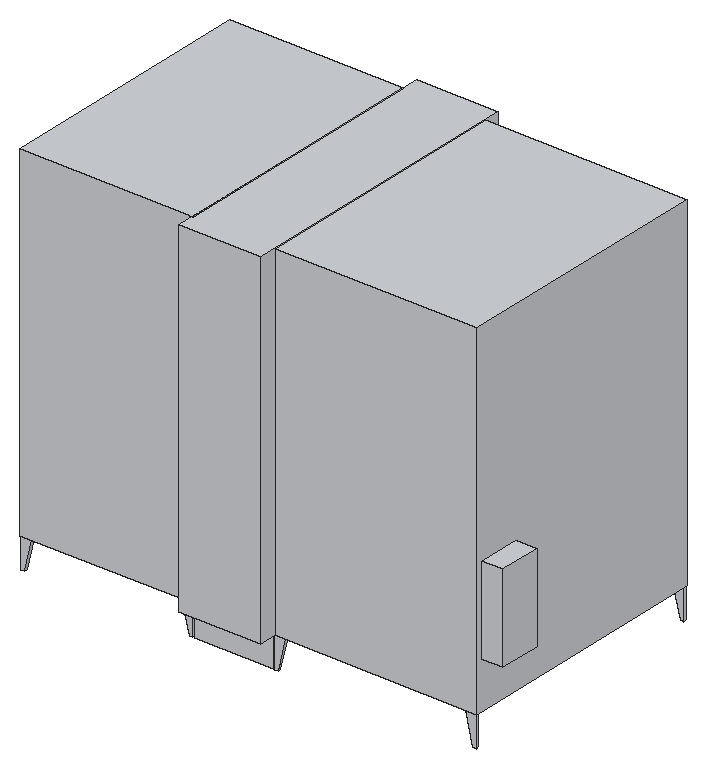
Revit family "AHU 7 _7", category Mechanické zařízení, Revit 2018
Family settings
  Kóta kulaté spojky = Použít průměr
  Typ dílu = Normální
  Číslo OmniClass = 23.75.00.00
  Nadpis OmniClass = Climate Control (HVAC)
  Založené na pracovní rovině = Ne
  Vždy vertikální = Ano
  Ořezat dutým tvarem při načtení = Ne
  Sdílené = Ne
  Bod výpočtu místnosti = Ne
Parameters (values of type "DUPLEXVENT 15000 Rotary")
  Width [instance] = 1.93 mm
  Weight [instance] = 1421.00 kg
  URL = ""
  Type [instance] = "DUPLEXVENT 15000 Rotary"
  Total_SFP [instance] = 0
  Supply_outlet_hum [instance] = 90
  Supply_inlet_hum [instance] = 90
  Supply_ext_pressure [instance] = 0.0 Pa
  Supply_SFP [instance] = 0
  Source_adu_file [instance] = ""
  Recuperation_type [instance] = "Rotation regeneration exchanger"
  Recuperation_efficiency_EN308 [instance] = 0
  Project_name [instance] = ""
  Project_date [instance] = "10.8.2023"
  Power_supply_fusing [instance] = "0"
  Power_supply_cable [instance] = "0"
  Position [instance] = "AHU 7 "
  Phases_count [instance] = 3
  Panel_thickness [instance] = 0.06 mm
  Outer_surface [instance] = "RAL 9002"
  Length [instance] = 2.97 mm
  Insulation_type [instance] = "PUR"
  Insulation_thickness [instance] = 0.05 mm
  Installation_environment [instance] = ""
  Input_power_max [instance] = 10880 W
  Inner_surface [instance] = "Pozink"
  I2 [instance] = I1  # 0.0 L/s
  Height [instance] = 2.25 mm
  Exhaust_outlet_hum [instance] = 40
  Exhaust_inlet_hum [instance] = 40
  Exhaust_ext_pressure [instance] = 0.0 Pa
  Exhaust_SFP [instance] = 0
  E1 [instance] = E2 - M1  # 0.0 L/s
  E2 [instance] = 0.0 L/s
  I1 [instance] = 0.0 L/s
  Description = ""
  M1 [instance] = 0.0 L/s
  Device_dutypoint_version [instance] = "0"
  Device_design_version [instance] = "9"
  Device_adu_id [instance] = "7"
  Current_max [instance] = 18.8 A
  Casing_mat [instance] = "painted zinc layer"
  Cable type [instance] = "CYKY 5Jx4"
Reference planes
  plane 1 "Střed (vpředu/vzadu)": y = 0
  plane 2 "ref": z = 0
  plane 3 "Střed (vlevo/vpravo)": x = 0
Forms (mm)
  Sweep 1, solid
    path origin (0, 0, 0) x (0, 0, 1) y (1, 0, 0)
      loop
        line (0, 0) -> (2250, 0)
    profile origin (0, 0, 0) x (1, 0, 0) y (0, 1, 0)
      loop
        line (0, 0) -> (1125, 0) -> (1125, 1705) -> (0, 1705) -> (0, 0)
  Sweep 2, solid
    path origin (0, 0, 0) x (0, 0, 1) y (1, 0, 0)
      loop
        line (0, 0) -> (2250, 0)
    profile origin (0, 0, 0) x (1, 0, 0) y (0, 1, 0)
      loop
        line (1125, -113) -> (1655, -113) -> (1655, 1817) -> (1125, 1817) -> (1125, -113)
  Sweep 3, solid
    path origin (0, 0, 0) x (0, 0, 1) y (1, 0, 0)
      loop
        line (0, 0) -> (2250, 0)
    profile origin (0, 0, 0) x (1, 0, 0) y (0, 1, 0)
      loop
        line (1655, 0) -> (2970, 0) -> (2970, 1705) -> (1655, 1705) -> (1655, 0)
  Sweep 4, solid
    path origin (1, 1002, 1705) x (0, 1, 0) y (-1, 0, 0)
      loop
        line (0, 0) -> (0, 1)
    profile origin (1, 1002, 1705) x (0, -1, 0) y (0, 0, 1)
      loop
        line (-450, -450) -> (450, -450) -> (450, 450) -> (-450, 450) -> (-450, -450)
  Sweep 5, solid
    path origin (2969, 853, 1660) x (1, 0, 0) y (0, 1, 0)
      loop
        line (0, 0) -> (1, 0)
    profile origin (2969, 853, 1660) x (0, 1, 0) y (0, 0, 1)
      loop
        line (-600, 450) -> (-600, -450) -> (600, -450) -> (600, 450) -> (-600, 450)
  Sweep 6, solid
    path origin (2969, 1002, 545) x (1, 0, 0) y (0, 1, 0)
      loop
        line (0, 0) -> (1, 0)
    profile origin (2969, 1002, 545) x (0, 1, 0) y (0, 0, 1)
      loop
        line (-450, 450) -> (-450, -450) -> (450, -450) -> (450, 450) -> (-450, 450)
  Sweep 7, solid
    path origin (1, 853, 590) x (0, 1, 0) y (-1, 0, 0)
      loop
        line (0, 0) -> (0, 1)
    profile origin (1, 853, 590) x (0, -1, 0) y (0, 0, 1)
      loop
        line (-600, -450) -> (600, -450) -> (600, 450) -> (-600, 450) -> (-600, -450)
  Sweep 8, solid
    path origin (17, 18, 0) x (1, 0, 0) y (0, 1, 0)
      loop
        line (0, 0) -> (0, -15)
    profile origin (17, 18, 0) x (1, 0, 0) y (0, 0, 1)
      loop
        line (-11, 0) -> (-11, -200) -> (11, -200) -> (60, 0) -> (-11, 0)
  Sweep 9, solid
    path origin (1113, 18, 0) x (1, 0, 0) y (0, 1, 0)
      loop
        line (0, 0) -> (0, -15)
    profile origin (1113, 18, 0) x (1, 0, 0) y (0, 0, 1)
      loop
        line (-60, 0) -> (-11, -200) -> (11, -200) -> (11, 0) -> (-60, 0)
  Sweep 10, solid
    path origin (17, 1702, 0) x (1, 0, 0) y (0, 1, 0)
      loop
        line (0, 0) -> (0, -15)
    profile origin (17, 1702, 0) x (1, 0, 0) y (0, 0, 1)
      loop
        line (-11, 0) -> (-11, -200) -> (11, -200) -> (60, 0) -> (-11, 0)
  Sweep 11, solid
    path origin (1113, 1702, 0) x (1, 0, 0) y (0, 1, 0)
      loop
        line (0, 0) -> (0, -15)
    profile origin (1113, 1702, 0) x (1, 0, 0) y (0, 0, 1)
      loop
        line (-60, 0) -> (-11, -200) -> (11, -200) -> (11, 0) -> (-60, 0)
  Sweep 12, solid
    path origin (1390, 64, 0) x (1, 0, 0) y (0, 1, 0)
      loop
        line (0, 0) -> (0, -58)
    profile origin (1390, 64, 0) x (1, 0, 0) y (0, 0, 1)
      loop
        line (-256, 0) -> (-256, -200) -> (256, -200) -> (256, 0) -> (-256, 0)
  Sweep 13, solid
    path origin (1390, 1700, 0) x (1, 0, 0) y (0, 1, 0)
      loop
        line (0, 0) -> (0, -58)
    profile origin (1390, 1700, 0) x (1, 0, 0) y (0, 0, 1)
      loop
        line (-256, 0) -> (-256, -200) -> (256, -200) -> (256, 0) -> (-256, 0)
  Sweep 14, solid
    path origin (1667, 18, 0) x (1, 0, 0) y (0, 1, 0)
      loop
        line (0, 0) -> (0, -15)
    profile origin (1667, 18, 0) x (1, 0, 0) y (0, 0, 1)
      loop
        line (-11, 0) -> (-11, -200) -> (11, -200) -> (60, 0) -> (-11, 0)
  Sweep 15, solid
    path origin (2954, 18, 0) x (1, 0, 0) y (0, 1, 0)
      loop
        line (0, 0) -> (0, -15)
    profile origin (2954, 18, 0) x (1, 0, 0) y (0, 0, 1)
      loop
        line (-60, 0) -> (-11, -200) -> (11, -200) -> (11, 0) -> (-60, 0)
  Sweep 16, solid
    path origin (1667, 1702, 0) x (1, 0, 0) y (0, 1, 0)
      loop
        line (0, 0) -> (0, -15)
    profile origin (1667, 1702, 0) x (1, 0, 0) y (0, 0, 1)
      loop
        line (-11, 0) -> (-11, -200) -> (11, -200) -> (60, 0) -> (-11, 0)
  Sweep 17, solid
    path origin (2954, 1702, 0) x (1, 0, 0) y (0, 1, 0)
      loop
        line (0, 0) -> (0, -15)
    profile origin (2954, 1702, 0) x (1, 0, 0) y (0, 0, 1)
      loop
        line (-60, 0) -> (-11, -200) -> (11, -200) -> (11, 0) -> (-60, 0)
  Sweep 18, solid
    path origin (0, 0, 310) x (0, 0, 1) y (1, 0, 0)
      loop
        line (0, 0) -> (570, 0)
    profile origin (0, 0, 310) x (1, 0, 0) y (0, 1, 0)
      loop
        line (2970, 35) -> (3110, 35) -> (3110, 310) -> (2970, 310) -> (2970, 35)
  Sweep 19, solid
    path origin (3040, 172, 310) x (0, -1, 0) y (0, 0, 1)
      loop
        line (0, 0) -> (0, -1)
    profile origin (3040, 172, 310) x (-1, 0, 0) y (0, -1, 0)
      loop
        circle (0, 0) r 10
Lines and regions (mm)
  model lines, style "Symbol"
    curve 1: line (1390, -113, 0) -> (1390, -113, 450)
    curve 2: line (1390, -113, 2250) -> (1390, -113, 1800)
    curve 3: line (1125, -113, 1125) -> (1655, -113, 1125)
    curve 4: line (0, 0, 1125) -> (1125, 0, 1125)
    curve 5: line (2970, 0, 1125) -> (1655, 0, 1125)
    curve 6: line (1178, -113, 113) -> (1178, -113, 2138)
    curve 7: line (1178, -113, 2138) -> (1602, -113, 2138)
    curve 8: line (1602, -113, 2138) -> (1602, -113, 113)
    curve 9: line (1602, -113, 113) -> (1178, -113, 113)
    curve 10: line (1178, -113, 1125) -> (1602, -113, 1125)
    curve 11: line (1554, -113, 915) -> (1537, -113, 720)
    curve 12: line (1537, -113, 720) -> (1510, -113, 552)
    curve 13: line (1510, -113, 552) -> (1475, -113, 424)
    curve 14: line (1475, -113, 424) -> (1434, -113, 343)
    curve 15: line (1434, -113, 343) -> (1390, -113, 315)
    curve 16: line (1390, -113, 315) -> (1346, -113, 343)
    curve 17: line (1346, -113, 343) -> (1305, -113, 424)
    curve 18: line (1305, -113, 424) -> (1270, -113, 552)
    curve 19: line (1270, -113, 552) -> (1243, -113, 720)
    curve 20: line (1243, -113, 720) -> (1226, -113, 915)
    curve 21: line (1226, -113, 915) -> (1220, -113, 1125)
    curve 22: line (1220, -113, 1125) -> (1226, -113, 1335)
    curve 23: line (1226, -113, 1335) -> (1243, -113, 1530)
    curve 24: line (1243, -113, 1530) -> (1270, -113, 1698)
    curve 25: line (1270, -113, 1698) -> (1305, -113, 1826)
    curve 26: line (1305, -113, 1826) -> (1346, -113, 1907)
    curve 27: line (1346, -113, 1907) -> (1390, -113, 1935)
    curve 28: line (1390, -113, 1935) -> (1434, -113, 1907)
    curve 29: line (1434, -113, 1907) -> (1475, -113, 1826)
    curve 30: line (1475, -113, 1826) -> (1510, -113, 1698)
    curve 31: line (1510, -113, 1698) -> (1537, -113, 1530)
    curve 32: line (1537, -113, 1530) -> (1554, -113, 1335)
    curve 33: line (1554, -113, 1335) -> (1494, -113, 1557)
    curve 34: line (1554, -113, 1335) -> (1562, -113, 1578)
    curve 35: line (2475, 0, 1848) -> (2835, 0, 1786)
    curve 36: line (2475, 0, 1527) -> (2835, 0, 1589)
    curve 37: line (495, 0, 402) -> (135, 0, 464)
    curve 38: line (495, 0, 723) -> (135, 0, 661)
    curve 39: line (356, 0, 1350) -> (356, 0, 2025)
    curve 40: line (356, 0, 2025) -> (535, 0, 2025)
    curve 41: line (535, 0, 2025) -> (535, 0, 1350)
    curve 42: line (535, 0, 1350) -> (356, 0, 1350)
    curve 43: line (446, 0, 1350) -> (535, 0, 1688)
    curve 44: line (446, 0, 2025) -> (535, 0, 1688)
    curve 45: line (2614, 0, 900) -> (2614, 0, 225)
    curve 46: line (2614, 0, 225) -> (2435, 0, 225)
    curve 47: line (2435, 0, 225) -> (2435, 0, 900)
    curve 48: line (2435, 0, 900) -> (2614, 0, 900)
    curve 49: line (2525, 0, 900) -> (2435, 0, 563)
    curve 50: line (2525, 0, 225) -> (2435, 0, 563)
    curve 51: line (0, -2112, 0) -> (0, -113, 0)
    curve 52: line (2970, -2112, 0) -> (2970, -113, 0)
    curve 53: line (0, -2112, 0) -> (2970, -2112, 0)
    curve 54: line (0, -2112, 2250) -> (0, -113, 2250)
    curve 55: line (2970, -2112, 2250) -> (2970, -113, 2250)
    curve 56: line (0, -2112, 2250) -> (2970, -2112, 2250)
    curve 57: line (0, -2112, 0) -> (0, -2112, 2250)
    curve 58: line (2970, -2112, 0) -> (2970, -2112, 2250)
    curve 59: line (0, -2112, 2050) -> (200, -2112, 2250)
    curve 60: line (0, -2112, 1850) -> (400, -2112, 2250)
    curve 61: line (0, -2112, 1650) -> (600, -2112, 2250)
    curve 62: line (0, -2112, 1450) -> (800, -2112, 2250)
    curve 63: line (0, -2112, 1250) -> (1000, -2112, 2250)
    curve 64: line (0, -2112, 1050) -> (1200, -2112, 2250)
    curve 65: line (0, -2112, 850) -> (1400, -2112, 2250)
    curve 66: line (0, -2112, 650) -> (1600, -2112, 2250)
    curve 67: line (0, -2112, 450) -> (1800, -2112, 2250)
    curve 68: line (0, -2112, 250) -> (2000, -2112, 2250)
    curve 69: line (0, -2112, 50) -> (2200, -2112, 2250)
    curve 70: line (150, -2112, 0) -> (2400, -2112, 2250)
    curve 71: line (350, -2112, 0) -> (2600, -2112, 2250)
    curve 72: line (550, -2112, 0) -> (2800, -2112, 2250)
    curve 73: line (750, -2112, 0) -> (2970, -2112, 2220)
    curve 74: line (950, -2112, 0) -> (2970, -2112, 2020)
    curve 75: line (1150, -2112, 0) -> (2970, -2112, 1820)
    curve 76: line (1350, -2112, 0) -> (2970, -2112, 1620)
    curve 77: line (1550, -2112, 0) -> (2970, -2112, 1420)
    curve 78: line (1750, -2112, 0) -> (2970, -2112, 1220)
    curve 79: line (1950, -2112, 0) -> (2970, -2112, 1020)
    curve 80: line (2150, -2112, 0) -> (2970, -2112, 820)
    curve 81: line (2350, -2112, 0) -> (2970, -2112, 620)
    curve 82: line (2550, -2112, 0) -> (2970, -2112, 420)
    curve 83: line (2750, -2112, 0) -> (2970, -2112, 220)
    curve 84: line (2950, -2112, 0) -> (2970, -2112, 20)
    curve 85: line (2970, -2112, 2050) -> (2970, -1913, 2250)
    curve 86: line (2970, -2112, 1850) -> (2970, -1712, 2250)
    curve 87: line (2970, -2112, 1650) -> (2970, -1512, 2250)
    curve 88: line (2970, -2112, 1450) -> (2970, -1313, 2250)
    curve 89: line (2970, -2112, 1250) -> (2970, -1113, 2250)
    curve 90: line (2970, -2112, 1050) -> (2970, -912, 2250)
    curve 91: line (2970, -2112, 850) -> (2970, -713, 2250)
    curve 92: line (2970, -2112, 650) -> (2970, -512, 2250)
    curve 93: line (2970, -2112, 450) -> (2970, -313, 2250)
    curve 94: line (2970, -2112, 250) -> (2970, -113, 2250)
    curve 95: line (2970, -2112, 50) -> (2970, -113, 2050)
    curve 96: line (2970, -1962, 0) -> (2970, -113, 1850)
    curve 97: line (2970, -1762, 0) -> (2970, -113, 1650)
    curve 98: line (2970, -1563, 0) -> (2970, -113, 1450)
    curve 99: line (2970, -1363, 0) -> (2970, -113, 1250)
    curve 100: line (2970, -1163, 0) -> (2970, -113, 1050)
    curve 101: line (2970, -963, 0) -> (2970, -113, 850)
    curve 102: line (2970, -762, 0) -> (2970, -113, 650)
    curve 103: line (2970, -563, 0) -> (2970, -113, 450)
    curve 104: line (2970, -362, 0) -> (2970, -113, 250)
    curve 105: line (2970, -163, 0) -> (2970, -113, 50)
    curve 106: line (0, -1913, 2250) -> (200, -2112, 2250)
    curve 107: line (0, -1712, 2250) -> (400, -2112, 2250)
    curve 108: line (0, -1512, 2250) -> (600, -2112, 2250)
    curve 109: line (0, -1313, 2250) -> (800, -2112, 2250)
    curve 110: line (0, -1113, 2250) -> (1000, -2112, 2250)
    curve 111: line (0, -912, 2250) -> (1200, -2112, 2250)
    curve 112: line (0, -713, 2250) -> (1400, -2112, 2250)
    curve 113: line (0, -512, 2250) -> (1600, -2112, 2250)
    curve 114: line (0, -313, 2250) -> (1800, -2112, 2250)
    curve 115: line (0, -113, 2250) -> (2000, -2112, 2250)
    curve 116: line (200, -113, 2250) -> (2200, -2112, 2250)
    curve 117: line (400, -113, 2250) -> (2400, -2112, 2250)
    curve 118: line (600, -113, 2250) -> (2600, -2112, 2250)
    curve 119: line (800, -113, 2250) -> (2800, -2112, 2250)
    curve 120: line (1000, -113, 2250) -> (2970, -2083, 2250)
    curve 121: line (1200, -113, 2250) -> (2970, -1883, 2250)
    curve 122: line (1400, -113, 2250) -> (2970, -1683, 2250)
    curve 123: line (1600, -113, 2250) -> (2970, -1482, 2250)
    curve 124: line (1800, -113, 2250) -> (2970, -1282, 2250)
    curve 125: line (2000, -113, 2250) -> (2970, -1083, 2250)
    curve 126: line (2200, -113, 2250) -> (2970, -882, 2250)
    curve 127: line (2400, -113, 2250) -> (2970, -682, 2250)
    curve 128: line (2600, -113, 2250) -> (2970, -482, 2250)
    curve 129: line (2800, -113, 2250) -> (2970, -282, 2250)
    curve 130: line (3710, 0, 0) -> (2970, 0, 0)
    curve 131: line (3710, 1705, 0) -> (2970, 1705, 0)
    curve 132: line (3710, 0, 0) -> (3710, 1705, 0)
    curve 133: line (3710, 0, 2250) -> (2970, 0, 2250)
    curve 134: line (3710, 1705, 2250) -> (2970, 1705, 2250)
    curve 135: line (3710, 0, 2250) -> (3710, 1705, 2250)
    curve 136: line (3710, 0, 0) -> (3710, 0, 2250)
    curve 137: line (3710, 1705, 0) -> (3710, 1705, 2250)
    curve 138: line (3710, 0, 2050) -> (3710, 200, 2250)
    curve 139: line (3710, 0, 1850) -> (3710, 400, 2250)
    curve 140: line (3710, 0, 1650) -> (3710, 600, 2250)
    curve 141: line (3710, 0, 1450) -> (3710, 800, 2250)
    curve 142: line (3710, 0, 1250) -> (3710, 1000, 2250)
    curve 143: line (3710, 0, 1050) -> (3710, 1200, 2250)
    curve 144: line (3710, 0, 850) -> (3710, 1400, 2250)
    curve 145: line (3710, 0, 650) -> (3710, 1600, 2250)
    curve 146: line (3710, 0, 450) -> (3710, 1705, 2155)
    curve 147: line (3710, 0, 250) -> (3710, 1705, 1955)
    curve 148: line (3710, 0, 50) -> (3710, 1705, 1755)
    curve 149: line (3710, 150, 0) -> (3710, 1705, 1555)
    curve 150: line (3710, 350, 0) -> (3710, 1705, 1355)
    curve 151: line (3710, 550, 0) -> (3710, 1705, 1155)
    curve 152: line (3710, 750, 0) -> (3710, 1705, 955)
    curve 153: line (3710, 950, 0) -> (3710, 1705, 755)
    curve 154: line (3710, 1150, 0) -> (3710, 1705, 555)
    curve 155: line (3710, 1350, 0) -> (3710, 1705, 355)
    curve 156: line (3710, 1550, 0) -> (3710, 1705, 155)
    curve 157: line (3710, 1705, 2050) -> (3510, 1705, 2250)
    curve 158: line (3710, 1705, 1850) -> (3310, 1705, 2250)
    curve 159: line (3710, 1705, 1650) -> (3110, 1705, 2250)
    curve 160: line (3710, 1705, 1450) -> (2970, 1705, 2190)
    curve 161: line (3710, 1705, 1250) -> (2970, 1705, 1990)
    curve 162: line (3710, 1705, 1050) -> (2970, 1705, 1790)
    curve 163: line (3710, 1705, 850) -> (2970, 1705, 1590)
    curve 164: line (3710, 1705, 650) -> (2970, 1705, 1390)
    curve 165: line (3710, 1705, 450) -> (2970, 1705, 1190)
    curve 166: line (3710, 1705, 250) -> (2970, 1705, 990)
    curve 167: line (3710, 1705, 50) -> (2970, 1705, 790)
    curve 168: line (3560, 1705, 0) -> (2970, 1705, 590)
    curve 169: line (3360, 1705, 0) -> (2970, 1705, 390)
    curve 170: line (3160, 1705, 0) -> (2970, 1705, 190)
    curve 171: line (3510, 0, 2250) -> (3710, 200, 2250)
    curve 172: line (3310, 0, 2250) -> (3710, 400, 2250)
    curve 173: line (3110, 0, 2250) -> (3710, 600, 2250)
    curve 174: line (2970, 60, 2250) -> (3710, 800, 2250)
    curve 175: line (2970, 260, 2250) -> (3710, 1000, 2250)
    curve 176: line (2970, 460, 2250) -> (3710, 1200, 2250)
    curve 177: line (2970, 660, 2250) -> (3710, 1400, 2250)
    curve 178: line (2970, 860, 2250) -> (3710, 1600, 2250)
    curve 179: line (2970, 1060, 2250) -> (3615, 1705, 2250)
    curve 180: line (2970, 1260, 2250) -> (3415, 1705, 2250)
    curve 181: line (2970, 1460, 2250) -> (3215, 1705, 2250)
    curve 182: line (2970, 1660, 2250) -> (3015, 1705, 2250)
    curve 183: line (0, 0, 2850) -> (0, 0, 2250)
    curve 184: line (2970, 0, 2850) -> (2970, 0, 2250)
    curve 185: line (0, 0, 2850) -> (2970, 0, 2850)
    curve 186: line (0, 1705, 2850) -> (0, 1705, 2250)
    curve 187: line (2970, 1705, 2850) -> (2970, 1705, 2250)
    curve 188: line (0, 1705, 2850) -> (2970, 1705, 2850)
    curve 189: line (0, 0, 2850) -> (0, 1705, 2850)
    curve 190: line (2970, 0, 2850) -> (2970, 1705, 2850)
    curve 191: line (0, 1505, 2850) -> (200, 1705, 2850)
    curve 192: line (0, 1305, 2850) -> (400, 1705, 2850)
    curve 193: line (0, 1105, 2850) -> (600, 1705, 2850)
    curve 194: line (0, 905, 2850) -> (800, 1705, 2850)
    curve 195: line (0, 705, 2850) -> (1000, 1705, 2850)
    curve 196: line (0, 505, 2850) -> (1200, 1705, 2850)
    curve 197: line (0, 305, 2850) -> (1400, 1705, 2850)
    curve 198: line (0, 105, 2850) -> (1600, 1705, 2850)
    curve 199: line (95, 0, 2850) -> (1800, 1705, 2850)
    curve 200: line (295, 0, 2850) -> (2000, 1705, 2850)
    curve 201: line (495, 0, 2850) -> (2200, 1705, 2850)
    curve 202: line (695, 0, 2850) -> (2400, 1705, 2850)
    curve 203: line (895, 0, 2850) -> (2600, 1705, 2850)
    curve 204: line (1095, 0, 2850) -> (2800, 1705, 2850)
    curve 205: line (1295, 0, 2850) -> (2970, 1675, 2850)
    curve 206: line (1495, 0, 2850) -> (2970, 1475, 2850)
    curve 207: line (1695, 0, 2850) -> (2970, 1275, 2850)
    curve 208: line (1895, 0, 2850) -> (2970, 1075, 2850)
    curve 209: line (2095, 0, 2850) -> (2970, 875, 2850)
    curve 210: line (2295, 0, 2850) -> (2970, 675, 2850)
    curve 211: line (2495, 0, 2850) -> (2970, 475, 2850)
    curve 212: line (2695, 0, 2850) -> (2970, 275, 2850)
    curve 213: line (2895, 0, 2850) -> (2970, 75, 2850)
    curve 214: line (2970, 1505, 2850) -> (2970, 1705, 2650)
    curve 215: line (2970, 1305, 2850) -> (2970, 1705, 2450)
    curve 216: line (2970, 1105, 2850) -> (2970, 1705, 2250)
    curve 217: line (2970, 905, 2850) -> (2970, 1505, 2250)
    curve 218: line (2970, 705, 2850) -> (2970, 1305, 2250)
    curve 219: line (2970, 505, 2850) -> (2970, 1105, 2250)
    curve 220: line (2970, 305, 2850) -> (2970, 905, 2250)
    curve 221: line (2970, 105, 2850) -> (2970, 705, 2250)
    curve 222: line (2970, 0, 2755) -> (2970, 505, 2250)
    curve 223: line (2970, 0, 2555) -> (2970, 305, 2250)
    curve 224: line (2970, 0, 2355) -> (2970, 105, 2250)
    curve 225: line (0, 1705, 2650) -> (200, 1705, 2850)
    curve 226: line (0, 1705, 2450) -> (400, 1705, 2850)
    curve 227: line (0, 1705, 2250) -> (600, 1705, 2850)
    curve 228: line (200, 1705, 2250) -> (800, 1705, 2850)
    curve 229: line (400, 1705, 2250) -> (1000, 1705, 2850)
    curve 230: line (600, 1705, 2250) -> (1200, 1705, 2850)
    curve 231: line (800, 1705, 2250) -> (1400, 1705, 2850)
    curve 232: line (1000, 1705, 2250) -> (1600, 1705, 2850)
    curve 233: line (1200, 1705, 2250) -> (1800, 1705, 2850)
    curve 234: line (1400, 1705, 2250) -> (2000, 1705, 2850)
    curve 235: line (1600, 1705, 2250) -> (2200, 1705, 2850)
    curve 236: line (1800, 1705, 2250) -> (2400, 1705, 2850)
    curve 237: line (2000, 1705, 2250) -> (2600, 1705, 2850)
    curve 238: line (2200, 1705, 2250) -> (2800, 1705, 2850)
    curve 239: line (2400, 1705, 2250) -> (2970, 1705, 2820)
    curve 240: line (2600, 1705, 2250) -> (2970, 1705, 2620)
    curve 241: line (2800, 1705, 2250) -> (2970, 1705, 2420)
    curve 242: circle (2632, 0, 1688) r 225 normal (0, -1, 0)
    curve 243: circle (338, 0, 563) r 225 normal (0, -1, 0)
Dimensions and locks
  aligned and locked: level to plane 2 "ref"
Connectors
  hvac at (0, 1002, 1705), driven by "E1"
    settings: on Sweep 4, index 1, duct flow 0.0 L/s, flow factor 0, pres drop 0.0 Pa, loss coef 0, conn angle 0.00°, conn width 900 mm, conn height 900 mm, conn diameter 609.6 mm, duct sys type 1, conn prof type 1, flow config 1, flow direction 1, loss method 0, conn ref index -1, conn util no, is conn primary yes, conn desc ""
  hvac at (2970, 853, 1660), driven by "E2"
    settings: on Sweep 5, index 2, duct flow 0.0 L/s, flow factor 1, pres drop 0.0 Pa, loss coef 0, conn angle 0.00°, conn width 1200 mm, conn height 900 mm, conn diameter 609.6 mm, duct sys type 1, conn prof type 1, flow config 2, flow direction 2, loss method 0, conn ref index -1, conn util no, is conn primary no, conn desc ""
  hvac at (2970, 1002, 545), driven by "I1"
    settings: on Sweep 6, index 3, duct flow 0.0 L/s, flow factor 1, pres drop 0.0 Pa, loss coef 0, conn angle 0.00°, conn width 900 mm, conn height 900 mm, conn diameter 609.6 mm, duct sys type 3, conn prof type 1, flow config 2, flow direction 1, loss method 0, conn ref index -1, conn util no, is conn primary no, conn desc ""
  hvac at (0, 853, 590), driven by "I2"
    settings: on Sweep 7, index 4, duct flow 0.0 L/s, flow factor 0, pres drop 0.0 Pa, loss coef 0, conn angle 0.00°, conn width 1200 mm, conn height 900 mm, conn diameter 609.6 mm, duct sys type 3, conn prof type 1, flow config 1, flow direction 2, loss method 0, conn ref index -1, conn util no, is conn primary no, conn desc ""
  electrical at (3040, 172, 309)
    settings: on Sweep 19, index 5, voltage 400 V, apparent load 0 VA, apparent load phase1 0 VA, apparent load phase2 0 VA, apparent load phase3 0 VA, power factor 1, load classification "Další", number of poles 3, system type 31, power factor state 1, is connector primary yes, connector utility no, sub classification motor no, connector description ""
